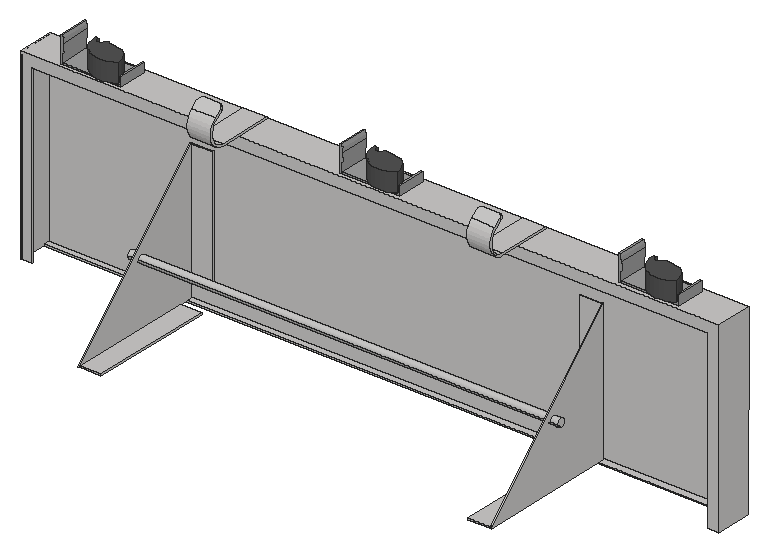
Revit family "Utility_Shelf-Bradley_Corp-Mop_Holder_Hooks-Stainless-998x", category Specialty Equipment, host Face, Revit 2012
Parameters (values of type "9983")
  Width = 0"
  Warranty Information = "n/a"
  Version = "2.0"
  URL = "http://www.bradleycorp.com/"
  Technical Data = "n/a"
  Specifications URL = "http://www.bradleycorp.com/3partspec"
  Product Tech Data URL - Spanish = "http://bradleycorp.com/download/532/9165es.pdf"
  Product Tech Data URL - French = "http://bradleycorp.com/download/533/9165fr.pdf"
  Product Tech Data URL - English = "http://bradleycorp.com/download/531/9165.pdf"
  Percentage of Recycled Content = 0
  OmniClass Title = "Commercial Storage Shelves"
  OmniClass Code = "23.21.11.11.11"
  Modeling Code = "n/a"
  Model = "9983"
  Material Note = "n/a"
  MasterFormat Title = "Closet and Utility Shelving"
  MasterFormat Number = "10 57 23"
  Manufacturer = "Bradley Corporation"
  Low Emitting Material = no
  Length = 0"
  LEED Credit = ""
  Installation Type = "Wall Mounted"
  Industry Standards = "n/a"
  Hook Spacing [instance] = if(DIM A = 30", 2, if(DIM A = 36", 3, if(DIM A = 42", 4, if(DIM A = 48", 5, 5))))  # 2
  Holder Spacing = if(DIM A = 30", 3, if(DIM A = 36", 4, if(DIM A = 42", 5, if(DIM A = 48", 6, 6))))  # 3
  Height = 0"
  Fire Rating = "n/a"
  Description = "Utility Shelf w/2 Hooks 3 Holders & 1 Drying Rod - 30\" W"
  Depth = 0"
  Default Elevation = 48"
  DIM E = 8 7/8"
  DIM D = 7 1/8"
  DIM C = 12"
  DIM B = 16 3/4"
  DIM A = 30"
  Copyright = "This Model is Property of Bradley Corporation"
  Complies to NAFTA = "n/a"
  Buy American Act = "To Be Determined"
  Assembly Code = "C1030320"
  Accessory Material = Metal - Bradley Corp - Stainless Steel-Satin
  ADA Compliant = "No"
Types (5): name | Model | Hook Spacing | Holder Spacing | Description | DIM E | DIM D | DIM C | DIM B | DIM A
  (no name) | "9983" | 2 | 3 | "Utility Shelf w/2 Hooks 3 Holders & 1 Drying Rod - 30\" W" | 8 7/8" | 7 1/8" | 12" | 16 3/4" | 30"
  9983 | "9983" | 2 | 3 | "Utility Shelf w/2 Hooks 3 Holders & 1 Drying Rod - 30\" W" | 8 7/8" | 7 1/8" | 12" | 16 3/4" | 30"
  9984 BradEX | "9984 BradEX" | 3 | 4 | "Utility Shelf w/3 Hooks 4 Holders & 1 Drying Rod - 36\" W" | 8" | 7 1/8" | 10" | 22 7/8" | 36"
  9985 | "9985" | 4 | 5 | "Utility Shelf w/4 Hooks 5 Holders & 1 Drying Rod - 42\" W" | 7 13/32" | 9" | 9" | 28 7/8" | 42"
  9986 | "9986" | 5 | 6 | "Utility Shelf w/5 Hooks 6 Holders & 1 Drying Rod - 48\" W" | 7 3/32" | 8 3/8" | 8 3/8" | 34 7/8" | 48"
Reference planes (in)
  plane 1 "Center (Front/Back)": y = 0
  plane 2 "Back Face of Shelf": z = 0
  plane 3 "Center (Left/Right)": x = 0
  plane 4: y = -4.5625
  plane 5 "Top of Shelf": y = 1.5625
  plane 6 "Left End": x = -15
  plane 7 "Right End": x = 15
  plane 8 "Front Shelf Face": z = 8
  plane 9 "Support-Left": x = -8.375
  plane 10 "Support-Right": x = 8.375
  plane 11 "Bottom Surface of Shelf": y = 1.48437
  plane 12: x = -7.875
  plane 13: x = 7.875
  plane 14: x = -8.875
  plane 15: x = 8.875
  plane 16: x = -12.3125
  plane 17: x = 11.625
  plane 18: y = -1.26563
  plane 19: z = 2.75
  plane 20: x = -9.22656
  plane 21: x = 9.22656
Forms (in)
  Extrusion 1, solid, material "Metal - Bradley Corp - Stainless Steel-Satin" <- "Accessory Material"
    sketch origin (-8.81, 0, 0) x (0, 1, 0) y (0, 0, -1)
      loop
        line (-4.5625, 0) -> (1.41937, -5.98187) -> (1.41937, 0) -> (-4.5625, 0)
    from 0 to 0.065
  Extrusion 2, solid, material "Metal - Bradley Corp - Stainless Steel-Satin" <- "Accessory Material", detail levels fine
    sketch origin (0, 0, 0) x (-1, 0, 0) y (0, -1, 0)
      loop
        line (7.875, -0.8125) -> (8.81, -0.8125) -> (8.81, 4.5625) -> (7.875, 4.5625) -> (7.875, -0.8125)
    from 0 to 0.06641
  Extrusion 3, solid, material "Metal - Bradley Corp - Stainless Steel-Satin" <- "Accessory Material"
    sketch origin (8.81, 0, 0) x (0, 1, 0) y (0, 0, 1)
      loop
        line (-4.5625, 0) -> (1.4375, 0) -> (1.4375, 6) -> (-4.5625, 0)
    from 0 to 0.065
  Extrusion 4, solid, material "Metal - Bradley Corp - Stainless Steel-Satin" <- "Accessory Material", detail levels fine
    sketch origin (0, 0, 0) x (1, 0, 0) y (0, 1, 0)
      loop
        line (7.875, 0.8125) -> (7.875, -4.5625) -> (8.81, -4.5625) -> (8.81, 0.8125) -> (7.875, 0.8125)
    from 0 to 0.065
  Extrusion 5, solid, material "Metal - Bradley Corp - Stainless Steel-Satin" <- "Accessory Material", detail levels fine
    sketch origin (0, 1.48437, 0) x (0, 0, -1) y (1, 0, 0)
      loop
        line (-0.69, 7.875) -> (-0.69, 8.81) -> (-6, 8.81) -> (-6, 7.875) -> (-0.69, 7.875)
    from 0 to 0.065
  Extrusion 6, solid, material "Metal - Bradley Corp - Stainless Steel-Satin" <- "Accessory Material", detail levels fine
    sketch origin (0, 1.48437, 0) x (0, 0, -1) y (1, 0, 0)
      loop
        line (-0.69, -7.875) -> (-5.98187, -7.875) -> (-5.98187, -8.81) -> (-0.69, -8.81) -> (-0.69, -7.875)
    from 0 to 0.065
  Extrusion 7, solid, material "Metal - Bradley Corp - Stainless Steel-Satin" <- "Accessory Material"
    sketch origin (0, 0, 0) x (0, 1, 0) y (0, 0, 1)
      loop
        line (0, 8) -> (0, 7.52) -> (0.04687, 7.52) -> (0.04687, 7.95312) -> (1.48437, 7.95312) -> (1.48437, 0.04687) -> (1.1875, 0.04687) -> (1.1875, 0) -> (1.5625, 0) -> (1.5625, 8) -> (0, 8)
    from -15 to 15
  Extrusion 8, solid, material "Metal - Bradley Corp - Stainless Steel-Satin" <- "Accessory Material"
    sketch origin (0, 0, 0) x (1, 0, 0) y (0, 1, 0)
      loop
        line (15, 0) -> (15, 1.5625) -> (14.95313, 1.5625) -> (14.95313, 0.04687) -> (14.52, 0.04687) -> (14.52, 0) -> (15, 0)
    from 0 to 8
  Extrusion 9, solid, material "Metal - Bradley Corp - Stainless Steel-Satin" <- "Accessory Material"
    sketch origin (0, 0, 0) x (-1, 0, 0) y (0, -1, 0)
      loop
        line (15, 0) -> (14.52, 0) -> (14.52, -0.04687) -> (14.95313, -0.04687) -> (14.95313, -1.5625) -> (15, -1.5625) -> (15, 0)
    from 0 to 8
  Extrusion 10, solid, material "Metal - Bradley Corp - Stainless Steel-Satin" <- "Accessory Material"
    sketch origin (0, 0, 0) x (0, 1, 0) y (0, 0, 1)
      loop
        circle (-1.26563, 2.75) r 0.16
    from -9.22656 to 9.22656
Cuts and joins
  joined: Extrusion 7, Extrusion 8, Extrusion 9
Dimensions and locks (in)
  plane 2 "Back Face of Shelf" to plane 8 "Front Shelf Face" = 8"
  plane 4 to plane 5 "Top of Shelf" = 6 1/8"  (x2)
  "DIM A": plane 6 "Left End" to plane 7 "Right End"
  equal spacing: plane 6 "Left End", plane 3 "Center (Left/Right)", plane 7 "Right End"
  plane 1 "Center (Front/Back)" to plane 5 "Top of Shelf" = 1 9/16"  (x2)
  "DIM B": plane 9 "Support-Left" to plane 10 "Support-Right"
  equal spacing: plane 9 "Support-Left", plane 3 "Center (Left/Right)", plane 10 "Support-Right"
  plane 14 to plane 9 "Support-Left" to plane 12 = 1/2", 1/2"
  plane 13 to plane 10 "Support-Right" to plane 15 = 1/2", 1/2"
  locked: plane 14 to Extrusion 1 at 0.065
  locked: Extrusion 3 to plane 15 at 0.065
  Extrusion 7 sketch curve to Extrusion 7 sketch curve = 3/8"
  plane 11 "Bottom Surface of Shelf" to plane 5 "Top of Shelf" = 5/64"
  Extrusion 7 sketch curve to Extrusion 7 sketch curve = 0.48"
  equal spacing: plane 1 "Center (Front/Back)", nested 1, plane 5 "Top of Shelf"
  equal spacing: group 1, group 3, group 2  (x3)
  locked: plane 15 to plane 21 at 0.35156
  locked: plane 20 to plane 14 at 0.35156
  locked: plane 6 "Left End" to plane 16 at 2.6875
  locked: plane 17 to plane 7 "Right End" at 3.375
  "DIM E": plane 6 "Left End" to nested 4
  group 4 to group 5 = 12"
  group 4 to group 5 = 0"  (x2)
  "DIM C": nested 4 to nested 5
  aligned and locked: plane 2 "Back Face of Shelf" to host face
  aligned and locked: level to host face
  aligned and locked: Extrusion 2 sketch curve to Extrusion 1
  aligned and locked: Extrusion 3 to Extrusion 4 sketch curve
  aligned and locked: Extrusion 4 to plane 13  (x3)
  aligned and locked: Extrusion 2 to plane 12  (x4)
  aligned and locked: Extrusion 1 to plane 14
  aligned and locked: Extrusion 3 to plane 15
  aligned and locked: Extrusion 4 to Extrusion 3
  aligned and locked: Extrusion 2 to Extrusion 1
  aligned and locked: Extrusion 2 sketch curve to plane 12
  aligned and locked: plane 13 to Extrusion 4 sketch curve
  aligned and locked: Extrusion 4 sketch curve to plane 4
  aligned and locked: Extrusion 5 sketch curve to Extrusion 3
  aligned and locked: Extrusion 5 sketch curve to plane 13
  aligned and locked: Extrusion 3 to Extrusion 5 sketch curve
  aligned and locked: plane 12 to Extrusion 6 sketch curve
  aligned and locked: Extrusion 6 sketch curve to Extrusion 1
  aligned and locked: Extrusion 1 to Extrusion 6 sketch curve
  aligned and locked: Extrusion 7 to plane 6 "Left End"
  aligned and locked: plane 7 "Right End" to Extrusion 7
  aligned and locked: Extrusion 8 to plane 8 "Front Shelf Face"
  aligned and locked: plane 7 "Right End" to cut or joined group of Extrusion 7, Extrusion 8, Extrusion 9
  aligned and locked: cut or joined group of Extrusion 7, Extrusion 8, Extrusion 9 to plane 6 "Left End"
  aligned and locked: plane 8 "Front Shelf Face" to nested 1
  aligned and locked: plane 16 to nested 1
  aligned and locked: Extrusion 10 to plane 21
  aligned and locked: Extrusion 10 to plane 20
  aligned and locked: plane 17 to nested 2
  aligned and locked: Extrusion 5 to cut or joined group of Extrusion 7, Extrusion 8, Extrusion 9
  aligned: Extrusion 1 to Extrusion 5
Automatic sketch dimensions
  host sketch curve to host sketch curve = 63.59304"
  host sketch curve to host sketch curve = 41.27374"
  Extrusion 10 sketch curve to plane 18 = 0"
  Extrusion 10 sketch curve to plane 19 = 0"
  Extrusion 1 sketch curve to level = 0"
  Extrusion 1 sketch curve to plane 4 = 0"
  plane 11 "Bottom Surface of Shelf" to Extrusion 1 sketch curve = 0.065"
  plane 8 "Front Shelf Face" to Extrusion 1 sketch curve = 2.01813"
  Extrusion 2 sketch curve to plane 4 = 0"
  Extrusion 2 sketch curve to plane 11 "Bottom Surface of Shelf" = 43/64"
  Extrusion 3 sketch curve to level = 0"
  Extrusion 3 sketch curve to plane 4 = 0"
  plane 11 "Bottom Surface of Shelf" to Extrusion 3 sketch curve = 3/64"
  plane 8 "Front Shelf Face" to Extrusion 3 sketch curve = 2"
  plane 11 "Bottom Surface of Shelf" to Extrusion 4 sketch curve = 43/64"
  level to Extrusion 5 sketch curve = 0.69"
  Extrusion 6 sketch curve to level = 0.69"
  Extrusion 7 sketch curve to plane 1 "Center (Front/Back)" = 0"
  Extrusion 7 sketch curve to level = 0"
  Extrusion 7 sketch curve to plane 11 "Bottom Surface of Shelf" = 0"
  Extrusion 7 sketch curve to plane 5 "Top of Shelf" = 0"
  Extrusion 7 sketch curve to plane 8 "Front Shelf Face" = 0"
  Extrusion 7 sketch curve to plane 1 "Center (Front/Back)" = 3/64"
  Extrusion 7 sketch curve to Extrusion 7 sketch curve = 3/64"
  plane 8 "Front Shelf Face" to Extrusion 7 sketch curve = 3/64"
  Extrusion 8 sketch curve to plane 1 "Center (Front/Back)" = 0"
  Extrusion 8 sketch curve to plane 5 "Top of Shelf" = 0"
  Extrusion 8 sketch curve to plane 7 "Right End" = 0"
  Extrusion 8 sketch curve to Extrusion 8 sketch curve = 3/64"
  Extrusion 8 sketch curve to plane 1 "Center (Front/Back)" = 3/64"
  Extrusion 8 sketch curve to Extrusion 8 sketch curve = 0.43313"
  Extrusion 9 sketch curve to plane 1 "Center (Front/Back)" = 0"
  Extrusion 9 sketch curve to plane 5 "Top of Shelf" = 0"
  Extrusion 9 sketch curve to plane 6 "Left End" = 0"
  Extrusion 9 sketch curve to Extrusion 9 sketch curve = 3/64"
  plane 1 "Center (Front/Back)" to Extrusion 9 sketch curve = 3/64"
  Extrusion 9 sketch curve to Extrusion 9 sketch curve = 0.43313"
  radius of Extrusion 10 sketch curve = 0.16"
Nested families (in)
  nested 1: "Mop_Broom_Holder" at (-12.09375, 0.78125, 8), type "Mop_Broom_Holder"
  nested 2: "Mop_Broom_Holder" at (11.84375, 0.78125, 8), type "Mop_Broom_Holder"
  nested 3: "Mop_Broom_Holder" at (-0.125, 0.78125, 8), type "Mop_Broom_Holder"
  nested 4: "Coat_Hook_2" at (-6.125, 2.64063, 8.07422), type "Coat_Hook_2"
  nested 5: "Coat_Hook_2" at (5.875, 2.64062, 8.07422), type "Coat_Hook_2"
Definition of nested family "Mop_Broom_Holder"
  Parameters
    Accessory Material = Metal - Bradley Corp - Steel
  Reference planes (in)
    plane 1 "Center (Front/Back)": y = 0
    plane 2: z = 0
    plane 3 "Center (Left/Right)": x = 0
    plane 4: y = 2.84375
    plane 5: z = 1.125
    plane 6: y = 0.625
    plane 7: y = -4.15625
    plane 8: y = -0.625
    plane 9: x = -1.28125
    plane 10: x = 1.28125
    plane 11 "Face of Hook": through (0, -3.83, 1.21997) normal (0, -0.6126, 0.7904)
    plane 12: z = 0.125
    plane 13: z = 0.915
    plane 14 "Alignment": x = -0.21875
  Forms (in)
    Extrusion 1, solid, material "Metal - Bradley Corp - Steel" <- "Accessory Material", detail levels medium+fine
      sketch origin (0, 0, 0) x (1, 0, 0) y (0, 0, 1)
        loop
          line (-1.28125, 1.125) -> (-1.28125, 0) -> (1.28125, 0) -> (1.28125, 0.4) -> (1.21094, 0.4) -> (1.21094, 0.07031) -> (-1.21094, 0.07031) -> (-1.16757, 0.81483)
          arc (-1.16757, 0.81483) -> (-1.17392, 0.97206) -> (-1.21094, 1.125) r 0.79961
          line (-1.21094, 1.125) -> (-1.28125, 1.125)
      from -0.625 to 0.625
    Extrusion 2, solid, material "Rubber - Bradley Corp - Black", detail levels medium+fine
      sketch origin (0, 0, 0) x (1, 0, 0) y (0, 1, 0)
        loop
          arc (-0.48685, 0.25651) -> (0.07178, -0.74329) -> (1.21094, -0.625) r 1.04116
          arc (1.21094, -0.625) -> (1.05387, -0.19166) -> (0.72511, 0.13141) r 1.04116
          line (0.72511, 0.13141) -> (0.09409, 0.24268)
          arc (0.09409, 0.24268) -> (0.01107, 0.22851) -> (-0.04411, 0.1649) r 0.125
          line (-0.04411, 0.1649) -> (-0.05552, 0.13558)
          arc (-0.05552, 0.13558) -> (-0.24286, 0.0477) -> (-0.33971, 0.23057) r 0.15
          line (-0.33971, 0.23057) -> (-0.48685, 0.25651)
      from 0.125 to 0.915
  Lines and regions (in)
    reference lines
      curve 1: line (-1.16665, 0, 0) -> (-1.16665, 1.5, 0)
      curve 2: line (-0.48696, -0.86, 0) -> (-0.48696, 1.5, 0)
      curve 3: line (-0.48696, -0.86, 0) -> (1.22281, -0.86, 0)
      curve 4: line (-0.71563, 0.255, 0) -> (0.73586, 0.255, 0)
    model lines, detail levels coarse
      curve 5: line (-1.28125, 0.625, 0) -> (1.28125, 0.625, 0)
      curve 6: line (-1.28125, -0.625, 0) -> (-1.28125, 0.625, 0)
      curve 7: line (1.28125, -0.625, 0) -> (1.21094, -0.625, 0)
      curve 8: line (1.28125, 0.625, 0) -> (1.28125, -0.625, 0)
      curve 9: arc (-0.47684, 0.34335, 0) -> (0.03341, -0.72234, 0) -> (1.21094, -0.625, 0) r 1.04116
      curve 10: arc (1.21094, -0.625, 0) -> (1.05387, -0.19166, 0) -> (0.72511, 0.13141, 0) r 1.04116
      curve 11: line (0.72511, 0.13141, 0) -> (-0.47684, 0.34335, 0)
      curve 12: line (-0.10785, -0.625, 0) -> (-1.28125, -0.625, 0)
  Dimensions and locks (in)
    plane 6 to plane 4 = 2 7/32"
    plane 1 "Center (Front/Back)" to plane 4 = 2 27/32"
    plane 5 to plane 2 = 1 1/8"
    plane 7 to plane 4 = 7"
    locked: plane 10 to plane 9 at 2.5625
    plane 10 to plane 3 "Center (Left/Right)" to plane 9 = 1 9/32", 1 9/32"
    plane 8 to plane 6 = 1 1/4"
    plane 9 to plane 10 = 2 9/16"
    aligned and locked: plane 6 to Extrusion 1
    aligned and locked: plane 8 to Extrusion 1
    aligned and locked: Extrusion 1 to plane 9
    aligned and locked: plane 10 to Extrusion 1
    aligned and locked: curve 5 to Extrusion 1  (x2)
    aligned and locked: Extrusion 1 to curve 8
    aligned and locked: curve 8 to Extrusion 1
Definition of nested family "Coat_Hook_2"
  Parameters
    Accessory Material = none
  Reference planes (in)
    plane 1 "Center (Front/Back)": y = -1.15625
    plane 2: z = 0
    plane 3 "Center (Left/Right)": x = 0
    plane 4: z = 1.34375
    plane 5: y = -4.15625
    plane 6: y = -3.46875
    plane 7: z = 1.5
    plane 8: z = 0.625
    plane 9: y = -3.45625
    plane 10: x = -0.5
    plane 11: x = 0.5
    plane 12 "Face of Hook": through (0, -3.83, 1.21997) normal (0, -0.6126, 0.7904)
  Forms (in)
    Extrusion 1, solid, material "Metal - Bradley Corp - Stainless Steel-Satin", detail levels medium+fine
      sketch origin (0, 0, 0) x (0, 1, 0) y (0, 0, 1)
        loop
          line (-1.15625, 0) -> (-3.45625, 0)
          arc (-3.45625, 0) -> (-4.04759, 0.42265) -> (-3.83916, 1.11897) r 0.625
          line (-3.83916, 1.11897) -> (-3.42328, 1.44134) -> (-3.46875, 1.5) -> (-3.88463, 1.17763)
          arc (-3.88463, 1.17763) -> (-4.11781, 0.39862) -> (-3.45625, -0.07422) r 0.69922
          line (-3.45625, -0.07422) -> (-1.15625, -0.07422) -> (-1.15625, 0)
      from -0.5 to 0.5
    Extrusion 2, void
      sketch origin (0, -2.02827, 2.6166) x (0, -0.790355, -0.612649) y (1, 0, 0)
        loop
          line (1.82257, -0.3125) -> (1.82257, -0.5) -> (2.01007, -0.5)
          arc (2.01007, -0.5) -> (1.87749, -0.44508) -> (1.82257, -0.3125) r 0.1875
      from -1 to 1
    Extrusion 3, void
      sketch origin (0, -2.02827, 2.6166) x (0, -0.790355, -0.612649) y (1, 0, 0)
        loop
          arc (1.82257, 0.3125) -> (1.87749, 0.44508) -> (2.01007, 0.5) r 0.1875
          line (2.01007, 0.5) -> (1.82257, 0.5) -> (1.82257, 0.3125)
      from -1 to 1
  Cuts and joins
    Extrusion 2, Extrusion 3 cuts Extrusion 1
  Lines and regions (in)
    model lines, detail levels coarse
      curve 1: line (0, -3.83916, 1.11897) -> (0, -3.42328, 1.44134)
      curve 2: arc (0, -3.45625, 0) -> (0, -4.04759, 0.42265) -> (0, -3.83916, 1.11897) r 0.625
      curve 3: line (0, -1.15625, 0) -> (0, -3.45625, 0)
  Dimensions and locks (in)
    plane 4 to plane 2 = 1 11/32"
    plane 5 to plane 1 "Center (Front/Back)" = 3"
    radius of Extrusion 1 sketch curve = 5/8"
    aligned and locked: Extrusion 1 to plane 10
    aligned and locked: plane 11 to Extrusion 1
    aligned and locked: cut or joined group of Extrusion 1, Extrusion 2, Extrusion 3 to plane 1 "Center (Front/Back)"
